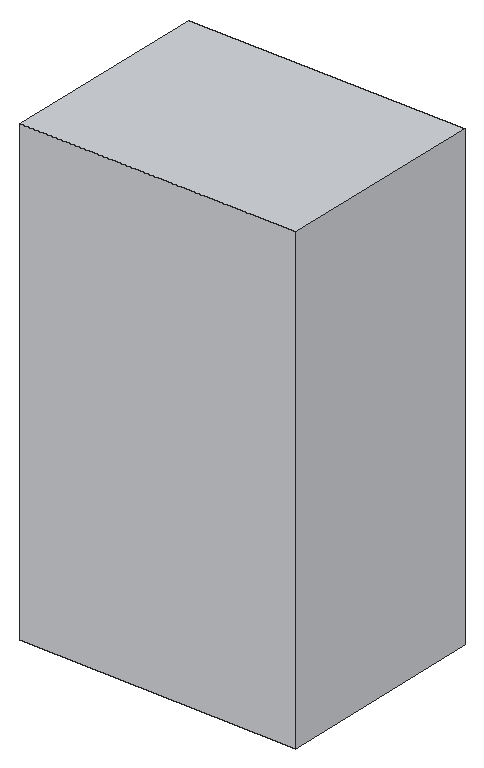
Revit family
Parameters
  Warranty Duration (Years) = 0
  Unit Width [instance] = 1' - 2"
  Unit Height [instance] = 1' - 5"
  Unit Depth = 0' - 6 1/2"
  URL = "http://www.americanspecialties.com/viewCategories.cfm"
  Trim Material = Metal - Stainless Steel
  Test Data = ""
  Specification = "http://www.arcat.com/sdspecs/htm/10810asi.htm"
  SpecWizard = ""
  Send Message = "http://www.arcat.com/users.pl?action=UserEmail&company=American%20Specialties,%20Inc.&coid=30448&rep=139&fax=914-476-0688&mf="
  Sales Information = "http://www.americanspecialties.com/contact"
  Revision = "R1_10-2010"
  Product Properties = "http://www.americanspecialties.com/datasheets/0010.pdf"
  Product Data = "http://www.arcat.com/arcatcos/cos30/arc30448.html"
  Model = "As Specified in 10 28 13"
  Manufacturer Website = "http://www.americanspecialties.com/viewCategories.cfm"
  Manufacturer Phone - Toll Free = ""
  Manufacturer Phone = "914-476-9000 "
  Manufacturer Fax = "914-476-0688"
  Manufacturer Address = "441 Saw Mill River Rd., Yonkers, NY 10701"
  Manufacturer = "American Specialties, Inc."
  Maintenance Schedule (Months) = 0
  Keynote = "10 28 13"
  Installation-Fabrication = "http://www.americanspecialties.com/products.cfm"
  Green Building-LEED = ""
  Expected Lifespan (Years) = 0
  Drawn By = "Robert S. Weygant. CSI, CDT, SCIP"  # constant formula
  Description = "Toilet Accessory as Specified in 10 28 13"
  Default Elevation = 4' - 0"
  Copyright = "©Arcat Inc."
  Construction Details = "http://www.arcat.com/green/clients/leed_data_30448.html"
  Building Codes = "http://www.americanspecialties.com/products.cfm"
  Body Material = Metal - Stainless Steel
  Assembly Code = "C1030210"
Reference planes (in)
  plane 1 "Center (Front/Back)": y = -0.29112
  plane 2 "Floor Line": z = 0
  plane 3 "Center (Left/Right)": x = -0.65843
Forms (in)
  Extrusion 1, solid
    sketch origin (-3, -9, -6) x (0, 0, -1) y (1, 0, 0)
      loop
        line (-82, 26) -> (-82, -19.34712) -> (-6, -19.34712) -> (-6, 26) -> (-82, 26)
    from 9 to -25.60721
  Extrusion 2, solid, material "Metal - Stainless Steel" <- "Trim Material"
    sketch origin (0, 13.74463, 0) x (1, 0, 0) y (0, 0, 1)
      loop
        line (-8.50218, 15.75) -> (-8.50218, 0.0625) -> (7.18532, 0.0625) -> (7.18532, 4.375) -> (-4.18968, 15.75) -> (-8.50218, 15.75)
    from 13.28575 to 13.97325
  Extrusion 3, solid, material "Metal - Stainless Steel" <- "Body Material"
    sketch origin (0, 13.68213, 0) x (1, 0, 0) y (0, 0, 1)
      loop
        line (-8.56468, 15.75) -> (-8.56468, 0) -> (7.18532, 0) -> (7.18532, 1) -> (-7.56468, 1) -> (-7.56468, 15.75) -> (-8.56468, 15.75)
    from 13.22325 to 13.97325
  Extrusion 4, void
    sketch origin (0, -0.29112, 0) x (1, 0, 0) y (0, 0, 1)
      loop
        line (-8.50218, 0.0625) -> (7.18532, 0.0625) -> (7.18532, 15.75) -> (-8.50218, 15.75) -> (-8.50218, 0.0625)
    from -0.0625 to -10.36652
Cuts and joins
  Extrusion 4 cuts Extrusion 3
Dimensions and locks (in)
  locked: Extrusion 2 to Extrusion 2 at 0.6875
  locked: Extrusion 3 to Extrusion 3 at 0.75
  aligned and locked: Extrusion 1 to level
  aligned and locked: plane 1 "Center (Front/Back)" to Extrusion 3
  aligned and locked: Extrusion 2 to Extrusion 3
  aligned and locked: Extrusion 4 to Extrusion 2
